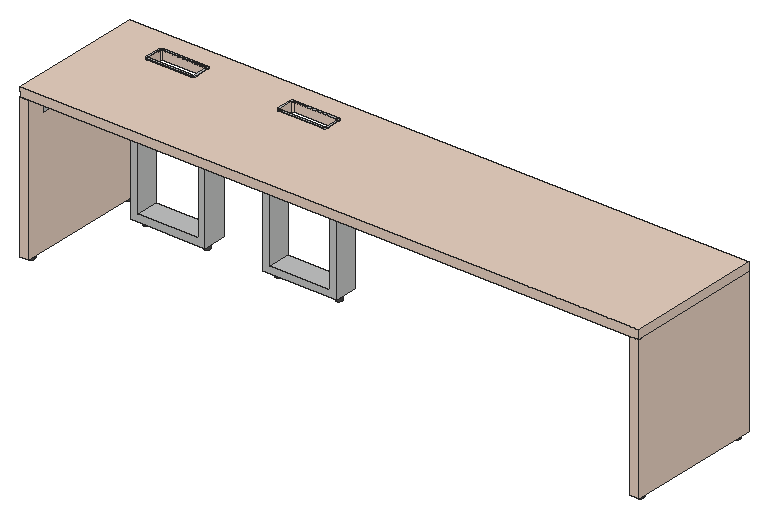
Revit family "Workstations-Multi_Level-Teknion-B_ASP_Secondary_Desk_for_Height_Adjustable_Peninsula-R2018", category Furniture, Revit 2018
Family settings
  OmniClass Number = 23.40.20.00
  OmniClass Title = General Furniture and Specialties
  Work Plane-Based = No
  Always vertical = Yes
  Cut with Voids When Loaded = No
  Shared = Yes
  Room Calculation Point = No
Parameters (values of type "35" Height-Adjustable Peninsula Depth")
  Worksurface Thickness Options [instance] = "Select one of the options below"  # constant formula
  Worksurface Position from left [instance] = 6.000"
  Worksurface Finish [instance] = Veneer-Teknion-5T-Flintwood-White_Truffle (Long Grain)
  Worksurface Thickness [instance] = if([1 3/16" Worksurface Thickness], 1.189", 1.555")  # 1.555"
  Width [instance] = 108.000"
  Warranty = "http://www.teknion.com/ca/papers/legal-canada"
  Unit Weight URL = "http://www.teknion.com/ca/tools/assets#&asset=bee6a381-b954-425e-8283-5a2de3a804f2,f828d448-4b62-4231-9e5f-9a8991c0ed77"
  URL = "www.teknion.com"
  To render please download texture images found here [instance] = "https://assets.teknion.com/web/5e81352c1dfdb467/revit-material-swatches/"
  Sustainability Data = "https://www.teknion.com/ca/tools/assets#&topic=216f99a5-57a0-44fc-b10a-9dee9b29ae4c&asset=444deb64-fe58-4b68-981e-f75e97781df7,b4ff2d81-9f2e-437d-9659-7cffb09c31cf"
  Series = "Expansion Casegoods"  # constant formula
  Right Grommet Option [instance] = no
  Product Page URL = "https://www.teknion.com/ca/products/product-details?productlineid=0053336e-8e7a-673b-a6c8-ff00004460c4"
  Product Line = "Expansion Casegoods"  # constant formula
  Product Documentation Link = "https://www.teknion.com/pricing/expansion-casegoods/pdfs/B_ASP_ppg.pdf"
  Part Number = "B_ASP"  # constant formula
  No Grommet Option [instance] = and(not(Left Grommet Option), not(Right Grommet Option))  # yes
  Model = "B_ASP_35________"
  Manufacturer Phone = "416-661-3370"  # constant formula
  Manufacturer Fax = "416.661.4586"  # constant formula
  Manufacturer Contact Information = "http://www.teknion.com/ca/contactus"
  Manufacturer Address = "1150 Flint Road, Toronto, ON. M3J 2J5. Canada"  # constant formula
  Manufacturer = "Teknion"  # constant formula
  Low Height [instance] = not(High Height)  # no
  Left Grommet Option [instance] = no
  How To Use Teknion Materials User Guide [instance] = "https://assets.teknion.com/m/205dd0a49fa58060/original/How-to-add-a-Material-Library-and-Texture-Images-to-your-Revit-project.pdf"
  High Height [instance] = yes
  Height Adjustable Peninsula Depth = 22.885"
  Height Options [instance] = "Select one of the options below"  # constant formula
  Height [instance] = if(High Height, 26.972", 17.425")  # 26.972"
  Grommet Finish [instance] = Paint - Teknion - Mica - Platinum
  Gable Thickness [instance] = if([1 3/16" Worksurface Thickness], 1.016", 1.555")  # 1.555"
  Gable Finish [instance] = Veneer-Teknion-5T-Flintwood-White_Truffle (Long Grain)
  For Additional Finishes please visit [instance] = "https://assets.teknion.com/m/44a8009b046e5d47/original/Teknion_Materials_Library.zip"
  Description = "Secondary Desk for Height-Adjustable Peninsula, 35\" Height-Adjustable Peninsula Depth"
  Depth [instance] = 24.000"
  Available Widths [instance] = if(or(Height Adjustable Peninsula Depth = 22.885", Height Adjustable Peninsula Depth = 28.855"), "72\", 78\", 84\", 90\", 96\", 102\", and 108\"", "60\", 66\", 72\", 78\", 84\", 90\", 96\", 102\", and 108\"")  # "72\", 78\", 84\", 90\", 96\", 102\", and 108\""
  Available Worksurface Position Offset from Left [instance] = if(Height Adjustable Peninsula Depth = 22.885", if(Width = 72.000", "6\", 12\", 18\", 24\", 30\"", if(Width = 78.000", "6\", 12\", 18\", 24\", 30\", 36\"", if(Width = 84.000", "6\", 12\", 18\", 24\", 30\", 36\", 42\"", if(Width = 90.000", "6\", 12\", 18\", 24\", 30\", 36\", 42\", 48\"", if(Width = 96.000", "6\", 12\", 18\", 24\", 30\", 36\", 42\", 48\", 54\"", if(Width = 102.000", "6\", 12\", 18\", 24\", 30\", 36\", 42\", 48\", 54\", 60\"", "6\", 12\", 18\", 24\", 30\", 36\", 42\", 48\", 54\", 60\", 66\"")))))), if(Height Adjustable Peninsula Depth = 28.855", if(Width = 72.000", "6\", 12\", 18\", 24\"", if(Width = 78.000", "6\", 12\", 18\", 24\", 30\"", if(Width = 84.000", "6\", 12\", 18\", 24\", 30\", 36\"", if(Width = 90.000", "6\", 12\", 18\", 24\", 30\", 36\", 42\"", if(Width = 96.000", "6\", 12\", 18\", 24\", 30\", 36\", 42\", 48\"", if(Width = 102.000", "6\", 12\", 18\", 24\", 30\", 36\", 42\", 48\", 54\"", "6\", 12\", 18\", 24\", 30\", 36\", 42\", 48\", 54\", 60\"")))))), if(Height Adjustable Peninsula Depth = 25.373", if(Width = 60.000", "0\", 6\", 12\"", if(Width = 66.000", "0\", 6\", 12\", 18\"", if(Width = 72.000", "0\", 6\", 12\", 18\", 24\"", if(Width = 78.000", "0\", 6\", 12\", 18\", 24\", 30\"", if(Width = 84.000", "0\", 6\", 12\", 18\", 24\", 30\", 36\"", if(Width = 90.000", "0\", 6\", 12\", 18\", 24\", 30\", 36\", 42\"", if(Width = 96.000", "0\", 6\", 12\", 18\", 24\", 30\", 36\", 42\", 48\"", if(Width = 102.000", "0\", 6\", 12\", 18\", 24\", 30\", 36\", 42\", 48\", 54\"", "0\", 6\", 12\", 18\", 24\", 30\", 36\", 42\", 48\", 54\", 60\"")))))))), if(Height Adjustable Peninsula Depth = 31.343", if(Width = 60.000", "0\", 6\"", if(Width = 66.000", "0\", 6\", 12\"", if(Width = 72.000", "0\", 6\", 12\", 18\"", if(Width = 78.000", "0\", 6\", 12\", 18\", 24\"", if(Width = 84.000", "0\", 6\", 12\", 18\", 24\", 30\"", if(Width = 90.000", "0\", 6\", 12\", 18\", 24\", 30\", 36\"", if(Width = 96.000", "0\", 6\", 12\", 18\", 24\", 30\", 36\", 42\"", if(Width = 102.000", "0\", 6\", 12\", 18\", 24\", 30\", 36\", 42\", 48\"", "0\", 6\", 12\", 18\", 24\", 30\", 36\", 42\", 48\", 54\"")))))))), if(Width = 60.000", "0\"", if(Width = 66.000", "0\", 6\"", if(Width = 72.000", "0\", 6\", 12\"", if(Width = 78.000", "0\", 6\", 12\", 18\"", if(Width = 84.000", "0\", 6\", 12\", 18\", 24\"", if(Width = 90.000", "0\", 6\", 12\", 18\", 24\", 30\"", if(Width = 96.000", "0\", 6\", 12\", 18\", 24\", 30\", 36\"", if(Width = 102.000", "0\", 6\", 12\", 18\", 24\", 30\", 36\", 42\"", "0\", 6\", 12\", 18\", 24\", 30\", 36\", 42\", 48\""))))))))))))  # "6\", 12\", 18\", 24\", 30\", 36\", 42\", 48\", 54\", 60\", 66\""
  Available Grommet Options [instance] = "Select one of the options below"  # constant formula
  Available Depths [instance] = "20\" or 24\""  # constant formula
  Actual Depth [instance] = if(Depth = 24.000", 23.880", 19.900")  # 23.880"
  Assembly Code = "E2020200"
  Actual Worksurface Position from Left [instance] = if(or(Height Adjustable Peninsula Depth = 22.885", Height Adjustable Peninsula Depth = 28.855"), if(Worksurface Position from left = 6.000", 12.438", if(Worksurface Position from left = 12.000", 18.408", if(Worksurface Position from left = 18.000", 24.378", if(Worksurface Position from left = 24.000", 30.348", if(Worksurface Position from left = 30.000", 36.318", if(Worksurface Position from left = 36.000", 42.288", if(Worksurface Position from left = 42.000", 48.258", if(Worksurface Position from left = 48.000", 54.228", if(Worksurface Position from left = 54.000", 60.198", if(Worksurface Position from left = 60.000", 66.168", 72.138")))))))))), if(Worksurface Position from left = 0.000", 11.194", if(Worksurface Position from left = 6.000", 17.164", if(Worksurface Position from left = 12.000", 23.134", if(Worksurface Position from left = 18.000", 29.104", if(Worksurface Position from left = 24.000", 35.074", if(Worksurface Position from left = 30.000", 41.044", if(Worksurface Position from left = 36.000", 47.014", if(Worksurface Position from left = 42.000", 52.984", if(Worksurface Position from left = 48.000", 58.954", if(Worksurface Position from left = 54.000", 64.924", 70.894")))))))))))  # 12.438"
  Actual Width [instance] = if(Width = 60.000", 59.700", if(Width = 66.000", 65.670", if(Width = 72.000", 71.640", if(Width = 78.000", 77.610", if(Width = 84.000", 83.580", if(Width = 90.000", 89.550", if(Width = 96.000", 95.520", if(Width = 102.000", 101.490", 107.460"))))))))  # 107.460"
  2D Connection Node Visibility [instance] = yes
  1 9/16" Worksurface Thickness [instance] = not([1 3/16" Worksurface Thickness])  # yes
  1 3/16" Worksurface Thickness [instance] = no
Types (6): name | Model | Height Adjustable Peninsula Depth | Description | Available Widths | Available Worksurface Position Offset from Left | Actual Worksurface Position from Left
  (no name) | "B_ASP_35________" | 22.885" | "Secondary Desk for Height-Adjustable Peninsula, 35\" Height-Adjustable Peninsula Depth" | "72\", 78\", 84\", 90\", 96\", 102\", and 108\"" | "6\", 12\", 18\", 24\", 30\", 36\", 42\", 48\", 54\", 60\", 66\"" | 12.438"
  35" Height-Adjustable Peninsula Depth | "B_ASP_35________" | 22.885" | "Secondary Desk for Height-Adjustable Peninsula, 35\" Height-Adjustable Peninsula Depth" | "72\", 78\", 84\", 90\", 96\", 102\", and 108\"" | "6\", 12\", 18\", 24\", 30\", 36\", 42\", 48\", 54\", 60\", 66\"" | 12.438"
  41" Height-Adjustable Peninsula Depth | "B_ASP_41________" | 28.855" | "Secondary Desk for Height-Adjustable Peninsula, 41\" Height-Adjustable Peninsula Depth" | "72\", 78\", 84\", 90\", 96\", 102\", and 108\"" | "6\", 12\", 18\", 24\", 30\", 36\", 42\", 48\", 54\", 60\"" | 12.438"
  46" Height-Adjustable Peninsula Depth | "B_ASP_46________" | 25.373" | "Secondary Desk for Height-Adjustable Peninsula, 46\" Height-Adjustable Peninsula Depth" | "60\", 66\", 72\", 78\", 84\", 90\", 96\", 102\", and 108\"" | "0\", 6\", 12\", 18\", 24\", 30\", 36\", 42\", 48\", 54\", 60\"" | 17.164"
  52" Height-Adjustable Peninsula Depth | "B_ASP_52________" | 31.343" | "Secondary Desk for Height-Adjustable Peninsula, 52\" Height-Adjustable Peninsula Depth" | "60\", 66\", 72\", 78\", 84\", 90\", 96\", 102\", and 108\"" | "0\", 6\", 12\", 18\", 24\", 30\", 36\", 42\", 48\", 54\"" | 17.164"
  58" Height-Adjustable Peninsula Depth | "B_ASP_58________" | 37.313" | "Secondary Desk for Height-Adjustable Peninsula, 58\" Height-Adjustable Peninsula Depth" | "60\", 66\", 72\", 78\", 84\", 90\", 96\", 102\", and 108\"" | "0\", 6\", 12\", 18\", 24\", 30\", 36\", 42\", 48\"" | 17.164"
Reference planes (in)
  plane 1 "Center Front/Back": y = 0
  plane 2: z = 0
  plane 3 "Center Left/Right": x = 0
  plane 4 "Left": x = -53.73
  plane 5 "Right": x = 53.73
  plane 6 "Back": y = 11.94
  plane 7 "Front": y = -11.94
  plane 8 "Top": z = 26.972
  plane 9: z = 25.417
  plane 10: x = -52.175
  plane 11: x = 52.175
  plane 12: x = -41.292
  plane 13: x = -18.407
  plane 14: x = -29.8495
Forms (in)
  Sweep 1, solid, material "Veneer-Teknion-5T-Flintwood-White_Truffle (Long Grain)" <- "Worksurface Finish"
    path origin (0, 0, 0) x (1, 0, 0) y (0, 0, 1)
      loop
        line (0, 25.417) -> (0, 26.972)
    profile origin (0, 0, 26.1945) x (-1, 0, 0) y (0, -1, 0)
      loop
        line (53.73, -11.94) -> (53.73, 11.94) -> (-53.73, 11.94) -> (-53.73, -11.94) -> (53.73, -11.94)
  Sweep 2, solid, material "Veneer-Teknion-5T-Flintwood-White_Truffle (Long Grain)" <- "Gable Finish"
    path origin (0, 0, 0) x (1, 0, 0) y (0, 0, 1)
      loop
        line (0, 0.60212) -> (0, 25.417)
    profile origin (0, 0, 13.00956) x (-1, 0, 0) y (0, -1, 0)
      loop
        line (53.73, -11.94) -> (53.73, 11.94) -> (52.175, 11.94) -> (52.175, -11.94) -> (53.73, -11.94)
      loop
        line (-52.175, -11.94) -> (-52.175, 11.94) -> (-53.73, 11.94) -> (-53.73, -11.94) -> (-52.175, -11.94)
  Sweep 3, solid, material "Plastic - Teknion - E - Ebony"
    path origin (0, 0, 0) x (1, 0, 0) y (0, 0, 1)
      loop
        line (0, 0) -> (0, 0.60212)
    profile origin (0, 0, 0.30106) x (-1, 0, 0) y (0, -1, 0)
      loop
        circle (52.9525, -10.4383) r 0.5
      loop
        circle (52.9525, 10.4383) r 0.5
      loop
        circle (-52.9525, -10.4383) r 0.5
      loop
        circle (-52.9525, 10.4383) r 0.5
  Sweep 4, solid, material "Paint - Teknion - Mica - Platinum"
    path origin (0, 0, 0) x (1, 0, 0) y (0, 1, 0)
      loop
        line (0, 8.94) -> (0, -8.93989)
    profile origin (0, 0.00006, 0) x (1, 0, 0) y (0, 0, 1)
      loop
        line (-52.175, 22.46424) -> (-52.05677, 22.46424) -> (-52.05677, 25.29889) -> (-49.22213, 25.29889) -> (-49.22213, 25.417) -> (-52.175, 25.417) -> (-52.175, 22.46424)
      loop
        line (49.22224, 25.417) -> (49.22224, 25.29889) -> (52.05689, 25.29889) -> (52.05689, 22.46424) -> (52.175, 22.46424) -> (52.175, 25.417) -> (49.22224, 25.417)
  Sweep 5, solid, material "Paint - Teknion - Mica - Platinum"
    path origin (0, 0, 0) x (1, 0, 0) y (0, 1, 0)
      loop
        line (0, 4.62701) -> (0, 8.56402)
    profile origin (0, 6.59551, 0) x (-1, 0, 0) y (0, 0, 1)
      loop
        line (47.74871, 25.417) -> (46.56761, 25.417) -> (46.56761, 2.41339) -> (36.01643, 2.41339) -> (36.01643, 25.417) -> (34.83532, 25.417) -> (34.83532, 1.23228) -> (47.74871, 1.23228) -> (47.74871, 25.417)
      loop
        line (24.86369, 25.417) -> (23.68259, 25.417) -> (23.68259, 2.41339) -> (13.13141, 2.41339) -> (13.13141, 25.417) -> (11.95031, 25.417) -> (11.95031, 1.23228) -> (24.86369, 1.23228) -> (24.86369, 25.417)
  Sweep 6, solid, material "Paint - Teknion - Mica - Platinum" <- "Grommet Finish"
    path origin (0, 0, 0) x (1, 0, 0) y (0, 0, 1)
      loop
        line (0, 26.972) -> (0, 27.01969)
    profile origin (0, 0, 26.99584) x (-1, 0, 0) y (0, -1, 0)
      loop
        line (37.51643, -8.36717) -> (45.06761, -8.36717)
        arc (45.06761, -8.36717) -> (45.46013, -8.20458) -> (45.62272, -7.81205) r 0.55512
        line (45.62272, -7.81205) -> (45.62272, -5.37898)
        arc (45.62272, -5.37898) -> (45.46013, -4.98645) -> (45.06761, -4.82386) r 0.55512
        line (45.06761, -4.82386) -> (37.51643, -4.82386)
        arc (37.51643, -4.82386) -> (37.1239, -4.98645) -> (36.96131, -5.37898) r 0.55512
        line (36.96131, -5.37898) -> (36.96131, -7.81205)
        arc (36.96131, -7.81205) -> (37.1239, -8.20458) -> (37.51643, -8.36717) r 0.55512
      loop
        line (37.51643, -8.06205) -> (45.06761, -8.06205)
        arc (45.06761, -8.06205) -> (45.24438, -7.98882) -> (45.31761, -7.81205) r 0.25
        line (45.31761, -7.81205) -> (45.31761, -5.37898)
        arc (45.31761, -5.37898) -> (45.24438, -5.2022) -> (45.06761, -5.12898) r 0.25
        line (45.06761, -5.12898) -> (37.51643, -5.12898)
        arc (37.51643, -5.12898) -> (37.33965, -5.2022) -> (37.26643, -5.37898) r 0.25
        line (37.26643, -5.37898) -> (37.26643, -7.81205)
        arc (37.26643, -7.81205) -> (37.33965, -7.98882) -> (37.51643, -8.06205) r 0.25
      loop
        line (14.63141, -8.36717) -> (22.18259, -8.36717)
        arc (22.18259, -8.36717) -> (22.57512, -8.20458) -> (22.73771, -7.81205) r 0.55512
        line (22.73771, -7.81205) -> (22.73771, -5.37898)
        arc (22.73771, -5.37898) -> (22.57512, -4.98645) -> (22.18259, -4.82386) r 0.55512
        line (22.18259, -4.82386) -> (14.63141, -4.82386)
        arc (14.63141, -4.82386) -> (14.23888, -4.98645) -> (14.07629, -5.37898) r 0.55512
        line (14.07629, -5.37898) -> (14.07629, -7.81205)
        arc (14.07629, -7.81205) -> (14.23888, -8.20458) -> (14.63141, -8.36717) r 0.55512
      loop
        line (14.63141, -8.06205) -> (22.18259, -8.06205)
        arc (22.18259, -8.06205) -> (22.35937, -7.98882) -> (22.43259, -7.81205) r 0.25
        line (22.43259, -7.81205) -> (22.43259, -5.37898)
        arc (22.43259, -5.37898) -> (22.35937, -5.2022) -> (22.18259, -5.12898) r 0.25
        line (22.18259, -5.12898) -> (14.63141, -5.12898)
        arc (14.63141, -5.12898) -> (14.45463, -5.2022) -> (14.38141, -5.37898) r 0.25
        line (14.38141, -5.37898) -> (14.38141, -7.81205)
        arc (14.38141, -7.81205) -> (14.45463, -7.98882) -> (14.63141, -8.06205) r 0.25
  Sweep 7, solid, material "Plastic - Teknion - E - Ebony"
    path origin (0, 0, 0) x (1, 0, 0) y (0, 0, 1)
      loop
        line (0, 0.41339) -> (0, 0)
    profile origin (0, 0, 0.20669) x (0, -1, 0) y (1, 0, 0)
      loop
        circle (-6.59551, -36.01643) r 0.5
      loop
        circle (-6.59551, -46.56761) r 0.5
      loop
        circle (-6.59551, -13.13141) r 0.5
      loop
        circle (-6.59551, -23.68259) r 0.5
  Sweep 8, solid, material "Paint - Teknion - Mica - Platinum"
    path origin (0, 0, 0) x (1, 0, 0) y (0, 0, 1)
      loop
        line (0, 0.41339) -> (0, 1.23228)
    profile origin (0, 0, 0.82283) x (-1, 0, 0) y (0, -1, 0)
      loop
        circle (46.56761, -6.59551) r 0.18967
      loop
        circle (36.01643, -6.59551) r 0.18959
      loop
        circle (23.68261, -6.59551) r 0.18967
      loop
        circle (13.13143, -6.59551) r 0.18959
  Sweep 9, solid, material "Paint - Teknion - Mica - Platinum" <- "Grommet Finish", visible <- "Left Grommet Option"
    path origin (0, 0, 0) x (1, 0, 0) y (0, 0, 1)
      loop
        line (0, 26.972) -> (0, 27.12948)
    profile origin (0, 0, 27.05074) x (-1, 0, 0) y (0, -1, 0)
      loop
        line (48.48629, -10.114) -> (48.48629, -7.26994) -> (45.63806, -7.26994) -> (45.63806, -10.114) -> (48.48629, -10.114)
  Sweep 10, solid, material "Paint - Teknion - Mica - Platinum" <- "Grommet Finish", visible <- "Left Grommet Option"
    path origin (0, 0, 0) x (1, 0, 0) y (0, 0, 1)
      loop
        line (0, 26.972) -> (0, 27.12948)
    profile origin (0, 0, 27.05074) x (-1, 0, 0) y (0, -1, 0)
      loop
        line (45.63806, -10.114) -> (45.63806, -8.90464) -> (43.35946, -8.90464) -> (43.35946, -8.47929) -> (45.63806, -8.47929) -> (45.63806, -7.26994) -> (41.83198, -7.26994) -> (41.83198, -10.114) -> (45.63806, -10.114)
  Sweep 11, solid, material "Paint - Teknion - Mica - Platinum" <- "Grommet Finish", visible <- "Right Grommet Option"
    path origin (0, 0, 0) x (1, 0, 0) y (0, 0, 1)
      loop
        line (0, 26.972) -> (0, 27.12948)
    profile origin (0, 0, 27.05074) x (-1, 0, 0) y (0, -1, 0)
      loop
        line (-45.63806, -10.114) -> (-45.63806, -7.26994) -> (-48.48629, -7.26994) -> (-48.48629, -10.114) -> (-45.63806, -10.114)
  Sweep 12, solid, material "Paint - Teknion - Mica - Platinum" <- "Grommet Finish", visible <- "Right Grommet Option"
    path origin (0, 0, 0) x (1, 0, 0) y (0, 0, 1)
      loop
        line (0, 26.972) -> (0, 27.12948)
    profile origin (0, 0, 27.05074) x (-1, 0, 0) y (0, -1, 0)
      loop
        line (-41.83198, -10.114) -> (-41.83198, -7.26994) -> (-45.63806, -7.26994) -> (-45.63806, -8.47929) -> (-43.35946, -8.47929) -> (-43.35946, -8.90464) -> (-45.63806, -8.90464) -> (-45.63806, -10.114) -> (-41.83198, -10.114)
  Sweep 13, void
    path origin (0, 0, 0) x (1, 0, 0) y (0, 0, 1)
      loop
        line (0, 28.597) -> (0, 23.597)
    profile origin (0, 0, 26.097) x (0, -1, 0) y (1, 0, 0)
      loop
        arc (-5.12898, -37.51643) -> (-5.2022, -37.33965) -> (-5.37898, -37.26643) r 0.25
        line (-5.37898, -37.26643) -> (-7.81205, -37.26643)
        arc (-7.81205, -37.26643) -> (-7.98882, -37.33965) -> (-8.06205, -37.51643) r 0.25
        line (-8.06205, -37.51643) -> (-8.06205, -45.06761)
        arc (-8.06205, -45.06761) -> (-7.98882, -45.24438) -> (-7.81205, -45.31761) r 0.25
        line (-7.81205, -45.31761) -> (-5.37898, -45.31761)
        arc (-5.37898, -45.31761) -> (-5.2022, -45.24438) -> (-5.12898, -45.06761) r 0.25
        line (-5.12898, -45.06761) -> (-5.12898, -37.51643)
      loop
        arc (-5.37898, -22.43259) -> (-5.2022, -22.35937) -> (-5.12898, -22.18259) r 0.25
        line (-5.12898, -22.18259) -> (-5.12898, -14.63141)
        arc (-5.12898, -14.63141) -> (-5.2022, -14.45463) -> (-5.37898, -14.38141) r 0.25
        line (-5.37898, -14.38141) -> (-7.81205, -14.38141)
        arc (-7.81205, -14.38141) -> (-7.98882, -14.45463) -> (-8.06205, -14.63141) r 0.25
        line (-8.06205, -14.63141) -> (-8.06205, -22.18259)
        arc (-8.06205, -22.18259) -> (-7.98882, -22.35937) -> (-7.81205, -22.43259) r 0.25
        line (-7.81205, -22.43259) -> (-5.37898, -22.43259)
Cuts and joins
  Sweep 13 cuts Sweep 1
Lines and regions (in)
  Masking region 1
    outline origin (0, 0, 0) x (1, 0, 0) y (0, 1, 0)
      loop
        line (-53.73, 11.94) -> (-53.73, -11.94) -> (53.73, -11.94) -> (53.73, 11.94) -> (-53.73, 11.94)
  symbolic lines, style "FurnitureHiddenLines", detail levels medium+fine
    curve 1: line (-52.175, -11.94, 0) -> (-52.175, 11.94, 0)
    curve 2: line (52.175, -11.94, 0) -> (52.175, 11.94, 0)
    curve 11: line (-52.175, 8.94, 0) -> (-49.22213, 8.94, 0)
    curve 12: line (-49.22213, -8.93989, 0) -> (-49.22213, 8.94, 0)
    curve 13: line (-49.22213, -8.93989, 0) -> (-52.175, -8.93989, 0)
    curve 15: line (49.22224, 8.94, 0) -> (52.175, 8.94, 0)
    curve 16: line (52.175, -8.93989, 0) -> (49.22224, -8.93989, 0)
    curve 17: line (49.22224, 8.94, 0) -> (49.22224, -8.93989, 0)
    curve 47: line (-34.83532, 4.62701, 0) -> (-47.74871, 4.62701, 0)
    curve 48: line (-47.74871, 8.56402, 0) -> (-47.74871, 4.62701, 0)
    curve 49: line (-34.83532, 8.56402, 0) -> (-47.74871, 8.56402, 0)
    curve 50: line (-34.83532, 4.62701, 0) -> (-34.83532, 8.56402, 0)
    curve 51: line (-36.01643, 8.56402, 0) -> (-36.01643, 4.62701, 0)
    curve 52: line (-46.56761, 4.62701, 0) -> (-46.56761, 8.56402, 0)
    curve 61: line (-24.86369, 8.56402, 0) -> (-24.86369, 4.62701, 0)
    curve 62: line (-23.68259, 4.62701, 0) -> (-23.68259, 8.56402, 0)
    curve 63: line (-13.13141, 8.56402, 0) -> (-13.13141, 4.62701, 0)
    curve 64: line (-11.95031, 4.62701, 0) -> (-11.95031, 8.56402, 0)
    curve 65: line (-24.86369, 8.56402, 0) -> (-11.95031, 8.56402, 0)
    curve 66: line (-24.86369, 4.62701, 0) -> (-11.95031, 4.62701, 0)
  symbolic lines, style "FurnitureHiddenLines", detail levels fine
    curve 3: arc (52.4525, 10.4383, 0) -> (52.9525, 9.9383, 0) -> (53.4525, 10.4383, 0) r 0.5
    curve 4: arc (53.4525, 10.4383, 0) -> (52.9525, 10.9383, 0) -> (52.4525, 10.4383, 0) r 0.5
    curve 5: arc (53.4525, -10.4383, 0) -> (52.9525, -9.9383, 0) -> (52.4525, -10.4383, 0) r 0.5
    curve 6: arc (52.4525, -10.4383, 0) -> (52.9525, -10.9383, 0) -> (53.4525, -10.4383, 0) r 0.5
    curve 7: arc (-53.4525, 10.4383, 0) -> (-52.9525, 9.9383, 0) -> (-52.4525, 10.4383, 0) r 0.5
    curve 8: arc (-52.4525, 10.4383, 0) -> (-52.9525, 10.9383, 0) -> (-53.4525, 10.4383, 0) r 0.5
    curve 9: arc (-52.4525, -10.4383, 0) -> (-52.9525, -9.9383, 0) -> (-53.4525, -10.4383, 0) r 0.5
    curve 10: arc (-53.4525, -10.4383, 0) -> (-52.9525, -10.9383, 0) -> (-52.4525, -10.4383, 0) r 0.5
    curve 14: line (-52.05677, -8.93989, 0) -> (-52.05677, 8.94, 0)
    curve 18: line (52.05689, 8.94, 0) -> (52.05689, -8.93989, 0)
    curve 53: arc (-46.56761, 7.09551, 0) -> (-47.06761, 6.59551, 0) -> (-46.56761, 6.09551, 0) r 0.5
    curve 54: arc (-46.56761, 6.09551, 0) -> (-46.06761, 6.59551, 0) -> (-46.56761, 7.09551, 0) r 0.5
    curve 55: arc (-36.01643, 7.09551, 0) -> (-36.51643, 6.59551, 0) -> (-36.01643, 6.09551, 0) r 0.5
    curve 56: arc (-36.01643, 6.09551, 0) -> (-35.51643, 6.59551, 0) -> (-36.01643, 7.09551, 0) r 0.5
    curve 57: arc (-46.75727, 6.59551, 0) -> (-46.56761, 6.40585, 0) -> (-46.37794, 6.59551, 0) r 0.18967
    curve 58: arc (-46.37794, 6.59551, 0) -> (-46.56761, 6.78518, 0) -> (-46.75727, 6.59551, 0) r 0.18967
    curve 59: arc (-36.20602, 6.59551, 0) -> (-36.01643, 6.40592, 0) -> (-35.82683, 6.59551, 0) r 0.18959
    curve 60: arc (-35.82683, 6.59551, 0) -> (-36.01643, 6.7851, 0) -> (-36.20602, 6.59551, 0) r 0.18959
    curve 67: arc (-23.68259, 6.09551, 0) -> (-23.18259, 6.59551, 0) -> (-23.68259, 7.09551, 0) r 0.5
    curve 68: arc (-23.68259, 7.09551, 0) -> (-24.18259, 6.59551, 0) -> (-23.68259, 6.09551, 0) r 0.5
    curve 69: arc (-23.49294, 6.59551, 0) -> (-23.68261, 6.78518, 0) -> (-23.87227, 6.59551, 0) r 0.18967
    curve 70: arc (-23.87227, 6.59551, 0) -> (-23.68261, 6.40585, 0) -> (-23.49294, 6.59551, 0) r 0.18967
    curve 71: arc (-13.13141, 6.09551, 0) -> (-12.63141, 6.59551, 0) -> (-13.13141, 7.09551, 0) r 0.5
    curve 72: arc (-13.13141, 7.09551, 0) -> (-13.63141, 6.59551, 0) -> (-13.13141, 6.09551, 0) r 0.5
    curve 73: arc (-13.32102, 6.59551, 0) -> (-13.13143, 6.40592, 0) -> (-12.94183, 6.59551, 0) r 0.18959
    curve 74: arc (-12.94183, 6.59551, 0) -> (-13.13143, 6.7851, 0) -> (-13.32102, 6.59551, 0) r 0.18959
  symbolic lines, visible <- "Right Grommet Option"
    curve 19: line (45.63806, 10.114, 0) -> (45.63806, 7.26994, 0)
    curve 20: line (48.48629, 10.114, 0) -> (45.63806, 10.114, 0)
    curve 21: line (48.48629, 7.26994, 0) -> (48.48629, 10.114, 0)
    curve 22: line (45.63806, 7.26994, 0) -> (48.48629, 7.26994, 0)
    curve 23: line (41.83198, 7.26994, 0) -> (45.63806, 7.26994, 0)
    curve 24: line (41.83198, 10.114, 0) -> (41.83198, 7.26994, 0)
    curve 25: line (45.63806, 10.114, 0) -> (41.83198, 10.114, 0)
    curve 26: line (43.35946, 8.90464, 0) -> (45.63806, 8.90464, 0)
    curve 27: line (43.35946, 8.47929, 0) -> (43.35946, 8.90464, 0)
    curve 28: line (45.63806, 8.47929, 0) -> (43.35946, 8.47929, 0)
  symbolic lines, visible <- "Left Grommet Option"
    curve 29: line (-48.48629, 7.26994, 0) -> (-45.63806, 7.26994, 0)
    curve 30: line (-48.48629, 10.114, 0) -> (-48.48629, 7.26994, 0)
    curve 31: line (-45.63806, 10.114, 0) -> (-48.48629, 10.114, 0)
    curve 32: line (-45.63806, 7.26994, 0) -> (-45.63806, 10.114, 0)
    curve 33: line (-45.63806, 7.26994, 0) -> (-41.83198, 7.26994, 0)
    curve 34: line (-41.83198, 7.26994, 0) -> (-41.83198, 10.114, 0)
    curve 35: line (-41.83198, 10.114, 0) -> (-45.63806, 10.114, 0)
    curve 36: line (-45.63806, 8.90464, 0) -> (-43.35946, 8.90464, 0)
    curve 37: line (-43.35946, 8.90464, 0) -> (-43.35946, 8.47929, 0)
    curve 38: line (-43.35946, 8.47929, 0) -> (-45.63806, 8.47929, 0)
  symbolic lines
    curve 39: line (-45.62272, 7.81205, 0) -> (-45.62272, 5.37898, 0)
    curve 40: arc (-45.62272, 5.37898, 0) -> (-45.46013, 4.98645, 0) -> (-45.06761, 4.82386, 0) r 0.55512
    curve 41: line (-45.06761, 4.82386, 0) -> (-37.51643, 4.82386, 0)
    curve 42: arc (-37.51643, 4.82386, 0) -> (-37.1239, 4.98645, 0) -> (-36.96131, 5.37898, 0) r 0.55512
    curve 43: line (-36.96131, 5.37898, 0) -> (-36.96131, 7.81205, 0)
    curve 44: arc (-36.96131, 7.81205, 0) -> (-37.1239, 8.20458, 0) -> (-37.51643, 8.36717, 0) r 0.55512
    curve 45: line (-37.51643, 8.36717, 0) -> (-45.06761, 8.36717, 0)
    curve 46: arc (-45.06761, 8.36717, 0) -> (-45.46013, 8.20458, 0) -> (-45.62272, 7.81205, 0) r 0.55512
    curve 75: line (-37.51643, 5.12898, 0) -> (-45.06761, 5.12898, 0)
    curve 76: arc (-45.06761, 5.12898, 0) -> (-45.24438, 5.2022, 0) -> (-45.31761, 5.37898, 0) r 0.25
    curve 77: line (-45.31761, 5.37898, 0) -> (-45.31761, 7.81205, 0)
    curve 78: arc (-45.31761, 7.81205, 0) -> (-45.24438, 7.98882, 0) -> (-45.06761, 8.06205, 0) r 0.25
    curve 79: line (-45.06761, 8.06205, 0) -> (-37.51643, 8.06205, 0)
    curve 80: arc (-37.51643, 8.06205, 0) -> (-37.33965, 7.98882, 0) -> (-37.26643, 7.81205, 0) r 0.25
    curve 81: line (-37.26643, 7.81205, 0) -> (-37.26643, 5.37898, 0)
    curve 82: arc (-37.26643, 5.37898, 0) -> (-37.33965, 5.2022, 0) -> (-37.51643, 5.12898, 0) r 0.25
    curve 83: line (-22.73771, 7.81205, 0) -> (-22.73771, 5.37898, 0)
    curve 84: arc (-22.73771, 5.37898, 0) -> (-22.57512, 4.98645, 0) -> (-22.18259, 4.82386, 0) r 0.55512
    curve 85: line (-22.18259, 4.82386, 0) -> (-14.63141, 4.82386, 0)
    curve 86: arc (-14.63141, 4.82386, 0) -> (-14.23888, 4.98645, 0) -> (-14.07629, 5.37898, 0) r 0.55512
    curve 87: line (-14.07629, 5.37898, 0) -> (-14.07629, 7.81205, 0)
    curve 88: arc (-14.07629, 7.81205, 0) -> (-14.23888, 8.20458, 0) -> (-14.63141, 8.36717, 0) r 0.55512
    curve 89: line (-14.63141, 8.36717, 0) -> (-22.18259, 8.36717, 0)
    curve 90: arc (-22.18259, 8.36717, 0) -> (-22.57512, 8.20458, 0) -> (-22.73771, 7.81205, 0) r 0.55512
    curve 91: line (-22.43259, 5.37898, 0) -> (-22.43259, 7.81205, 0)
    curve 92: arc (-22.43259, 7.81205, 0) -> (-22.35937, 7.98882, 0) -> (-22.18259, 8.06205, 0) r 0.25
    curve 93: line (-22.18259, 8.06205, 0) -> (-14.63141, 8.06205, 0)
    curve 94: arc (-14.63141, 8.06205, 0) -> (-14.45463, 7.98882, 0) -> (-14.38141, 7.81205, 0) r 0.25
    curve 95: line (-14.38141, 7.81205, 0) -> (-14.38141, 5.37898, 0)
    curve 96: arc (-14.38141, 5.37898, 0) -> (-14.45463, 5.2022, 0) -> (-14.63141, 5.12898, 0) r 0.25
    curve 97: line (-14.63141, 5.12898, 0) -> (-22.18259, 5.12898, 0)
    curve 98: arc (-22.18259, 5.12898, 0) -> (-22.35937, 5.2022, 0) -> (-22.43259, 5.37898, 0) r 0.25
Dimensions and locks (in)
  "Actual Width": plane 4 "Left" to plane 5 "Right"
  "Actual Depth": plane 6 "Back" to plane 7 "Front"
  "Height": plane 8 "Top" to level
  equal spacing: plane 6 "Back", plane 1 "Center Front/Back", plane 7 "Front"
  equal spacing: plane 4 "Left", plane 3 "Center Left/Right", plane 5 "Right"
  "Worksurface Thickness": plane 8 "Top" to plane 9
  "Gable Thickness": plane 4 "Left" to plane 10
  "Gable Thickness": plane 11 to plane 5 "Right"
  locked: Sweep 2 sketch curve to level at 0.60212
  Sweep 3 sketch curve to level to Sweep 3 sketch curve = 0.60212" locked, 0.000" locked
  locked: plane 6 "Back" to Sweep 3 sketch curve at 1.5017  (x2)
  equal spacing: plane 4 "Left", Sweep 3 sketch curve, plane 10  (x2)
  locked: plane 7 "Front" to Sweep 3 sketch curve at 1.5017  (x2)
  equal spacing: plane 11, Sweep 3 sketch curve, plane 5 "Right"  (x2)
  locked: plane 6 "Back" to Sweep 4 sketch curve at 3
  locked: plane 7 "Front" to Sweep 4 sketch curve at 3.00011
  plane 10 to Sweep 4 sketch curve to Sweep 4 sketch curve = 0.11823" locked, 2.83465" locked
  plane 9 to Sweep 4 sketch curve to Sweep 4 sketch curve = 0.11811" locked, 2.83465" locked  (x2)
  Sweep 4 sketch curve to Sweep 4 sketch curve to plane 11 = 2.83465" locked, 0.11811" locked
  "Actual Worksurface Position from Left": plane 4 "Left" to plane 12
  plane 6 "Back" to Sweep 5 sketch curve to Sweep 5 sketch curve = 3.37598" locked, 3.93701" locked
  plane 9 to Sweep 5 sketch curve to Sweep 5 sketch curve = 0.000" locked, 0.000" locked
  Sweep 5 sketch curve to Sweep 5 sketch curve to level = 1.1811" locked, 1.23228" locked  (x2)
  Sweep 5 sketch curve to Sweep 5 sketch curve to plane 12 to Sweep 5 sketch curve to Sweep 5 sketch curve = 1.1811" locked, 5.27561" locked, 5.27557" locked, 1.1811" locked
  Sweep 6 sketch curve to plane 8 "Top" to Sweep 6 sketch curve = 0.04769" locked, 0.000" locked
  Sweep 6 sketch curve to Sweep 6 sketch curve to Sweep 6 sketch curve to Sweep 6 sketch curve to Sweep 6 sketch curve to Sweep 6 sketch curve to plane 12 to Sweep 6 sketch curve to Sweep 6 sketch curve to Sweep 6 sketch curve to Sweep 6 sketch curve to Sweep 6 sketch curve to Sweep 6 sketch curve = 0.30512" locked, 0.250" locked, 0.000" locked, 0.000" locked, 0.000" locked, 3.77561" locked, 3.77557" locked, 0.000" locked, 0.000" locked, 0.000" locked, 0.250" locked, 0.30512" locked
  plane 6 "Back" to Sweep 6 sketch curve to Sweep 6 sketch curve to Sweep 6 sketch curve to Sweep 6 sketch curve to Sweep 6 sketch curve to Sweep 6 sketch curve to Sweep 6 sketch curve to Sweep 6 sketch curve to Sweep 6 sketch curve to Sweep 6 sketch curve to Sweep 6 sketch curve to Sweep 6 sketch curve = 3.57283" locked, 0.30512" locked, 0.250" locked, 0.000" locked, 0.000" locked, 0.000" locked, 2.43307" locked, 0.000" locked, 0.000" locked, 0.000" locked, 0.250" locked, 0.30512" locked  (x2)
  Sweep 7 sketch curve to level to Sweep 7 sketch curve = 0.41339" locked, 0.000" locked
  Sweep 7 sketch curve to plane 12 to Sweep 7 sketch curve = 5.27561" locked, 5.27557" locked
  plane 6 "Back" to Sweep 7 sketch curve to Sweep 7 sketch curve = 5.34449" locked, 0.000" locked  (x2)
  Sweep 8 sketch curve to plane 12 to Sweep 8 sketch curve = 5.27561" locked, 5.27557" locked
  plane 6 "Back" to Sweep 8 sketch curve to Sweep 8 sketch curve = 5.34449" locked, 0.000" locked  (x2)
  locked: Sweep 9 sketch curve to plane 8 "Top" at 0.15748
  plane 4 "Left" to Sweep 9 sketch curve to Sweep 9 sketch curve = 5.24371" locked, 2.84823" locked
  plane 6 "Back" to Sweep 9 sketch curve to Sweep 9 sketch curve = 1.826" locked, 2.84406" locked
  locked: Sweep 10 sketch curve to plane 8 "Top" at 0.15748
  plane 4 "Left" to Sweep 10 sketch curve to Sweep 10 sketch curve to Sweep 10 sketch curve to Sweep 10 sketch curve = 8.09194" locked, 0.000" locked, 2.2786" locked, 1.52748" locked
  plane 6 "Back" to Sweep 10 sketch curve to Sweep 10 sketch curve to Sweep 10 sketch curve to Sweep 10 sketch curve = 1.826" locked, 1.20936" locked, 0.42535" locked, 1.20936" locked
  locked: Sweep 11 sketch curve to plane 8 "Top" at 0.15748
  Sweep 11 sketch curve to Sweep 11 sketch curve to plane 5 "Right" = 2.84823" locked, 5.24371" locked
  plane 6 "Back" to Sweep 11 sketch curve to Sweep 11 sketch curve = 1.826" locked, 2.84406" locked
  locked: Sweep 12 sketch curve to plane 8 "Top" at 0.15748
  Sweep 12 sketch curve to Sweep 12 sketch curve to Sweep 12 sketch curve to Sweep 12 sketch curve to plane 5 "Right" = 1.52748" locked, 2.2786" locked, 0.000" locked, 8.09194" locked
  plane 6 "Back" to Sweep 12 sketch curve to Sweep 12 sketch curve to Sweep 12 sketch curve to Sweep 12 sketch curve = 1.826" locked, 1.20936" locked, 0.42535" locked, 1.20936" locked
  locked: nested 1 to plane 6 "Back" at 3
  "Height Adjustable Peninsula Depth": plane 12 to plane 13
  Sweep 6 sketch curve to Sweep 6 sketch curve to Sweep 6 sketch curve to Sweep 6 sketch curve to Sweep 6 sketch curve to Sweep 6 sketch curve to plane 13 to Sweep 6 sketch curve to Sweep 6 sketch curve to Sweep 6 sketch curve to Sweep 6 sketch curve to Sweep 6 sketch curve to Sweep 6 sketch curve = 0.30512" locked, 0.250" locked, 0.000" locked, 0.000" locked, 0.000" locked, 3.77559" locked, 3.77559" locked, 0.000" locked, 0.000" locked, 0.000" locked, 0.250" locked, 0.30512" locked
  Sweep 5 sketch curve to Sweep 5 sketch curve to plane 9 = 0.000" locked, 0.000" locked
  Sweep 5 sketch curve to Sweep 5 sketch curve to plane 13 to Sweep 5 sketch curve to Sweep 5 sketch curve = 1.1811" locked, 5.27559" locked, 5.27559" locked, 1.1811" locked
  Sweep 8 sketch curve to plane 13 to Sweep 8 sketch curve = 5.27561" locked, 5.27557" locked
  Sweep 7 sketch curve to plane 13 to Sweep 7 sketch curve = 5.27559" locked, 5.27559" locked
  equal spacing: plane 12, plane 14, plane 13
  Sweep 13 sketch curve to plane 9 to Sweep 13 sketch curve = 3.180" locked, 1.820" locked
  plane 6 "Back" to Sweep 13 sketch curve to Sweep 13 sketch curve to Sweep 13 sketch curve to Sweep 13 sketch curve = 3.87795" locked, 0.000" locked, 2.93307" locked, 0.000" locked
  Sweep 13 sketch curve to plane 12 to Sweep 13 sketch curve = 4.02561" locked, 4.02557" locked
  Sweep 13 sketch curve to plane 13 to Sweep 13 sketch curve = 4.02559" locked, 4.02559" locked
  aligned and locked: level to plane 2
  aligned and locked: plane 3 "Center Left/Right" to Sweep 1 sketch curve
  aligned and locked: plane 8 "Top" to Sweep 1 sketch curve
  aligned and locked: plane 9 to Sweep 1 sketch curve
  aligned and locked: Sweep 1 sketch curve to plane 6 "Back"
  aligned and locked: Sweep 1 sketch curve to plane 7 "Front"
  aligned and locked: plane 4 "Left" to Sweep 1 sketch curve
  aligned and locked: plane 5 "Right" to Sweep 1 sketch curve
  aligned and locked: plane 3 "Center Left/Right" to Sweep 2 sketch curve
  aligned and locked: plane 9 to Sweep 2 sketch curve
  aligned and locked: Sweep 2 sketch curve to plane 6 "Back"  (x2)
  aligned and locked: Sweep 2 sketch curve to plane 7 "Front"  (x2)
  aligned and locked: Sweep 2 sketch curve to plane 11
  aligned and locked: plane 5 "Right" to Sweep 2 sketch curve
  aligned and locked: plane 10 to Sweep 2 sketch curve
  aligned and locked: plane 4 "Left" to Sweep 2 sketch curve
  aligned and locked: plane 3 "Center Left/Right" to Sweep 3 sketch curve
  aligned and locked: Sweep 4 sketch curve to plane 3 "Center Left/Right"
  aligned and locked: Sweep 4 sketch curve to plane 9
  aligned and locked: plane 10 to Sweep 4 sketch curve
  aligned and locked: plane 9 to Sweep 4 sketch curve
  aligned and locked: plane 11 to Sweep 4 sketch curve
  aligned and locked: plane 3 "Center Left/Right" to Sweep 5 sketch curve
  aligned and locked: plane 3 "Center Left/Right" to Sweep 6 sketch curve
  aligned and locked: Sweep 7 sketch curve to plane 3 "Center Left/Right"
  aligned and locked: plane 3 "Center Left/Right" to Sweep 8 sketch curve
  aligned and locked: plane 3 "Center Left/Right" to Sweep 9 sketch curve
  aligned and locked: plane 8 "Top" to Sweep 9 sketch curve
  aligned and locked: plane 3 "Center Left/Right" to Sweep 10 sketch curve
  aligned and locked: plane 8 "Top" to Sweep 10 sketch curve
  aligned and locked: plane 3 "Center Left/Right" to Sweep 11 sketch curve
  aligned and locked: plane 8 "Top" to Sweep 11 sketch curve
  aligned and locked: plane 3 "Center Left/Right" to Sweep 12 sketch curve
  aligned and locked: plane 8 "Top" to Sweep 12 sketch curve
  aligned and locked: Masking region 1 sketch curve to plane 6 "Back"
  aligned and locked: Masking region 1 sketch curve to plane 4 "Left"
  aligned and locked: plane 7 "Front" to Masking region 1 sketch curve
  aligned and locked: plane 5 "Right" to Masking region 1 sketch curve
  aligned and locked: curve 1 to plane 10
  aligned and locked: curve 2 to plane 11
  aligned and locked: curve 3 to Sweep 3
  aligned and locked: curve 4 to Sweep 3
  aligned and locked: curve 5 to Sweep 3
  aligned and locked: curve 6 to Sweep 3
  aligned and locked: curve 7 to Sweep 3
  aligned and locked: curve 8 to Sweep 3
  aligned and locked: curve 9 to Sweep 3
  aligned and locked: curve 10 to Sweep 3
  aligned and locked: curve 11 to Sweep 4
  aligned and locked: curve 12 to Sweep 4
  aligned and locked: curve 13 to Sweep 4
  aligned and locked: curve 14 to Sweep 4
  aligned and locked: Sweep 4 to curve 15
  aligned and locked: curve 16 to Sweep 4
  aligned and locked: curve 17 to Sweep 4
  aligned and locked: curve 18 to Sweep 4
  aligned and locked: curve 19 to Sweep 11
  aligned and locked: curve 20 to Sweep 11
  aligned and locked: curve 21 to Sweep 11
  aligned and locked: curve 22 to Sweep 11
  aligned and locked: curve 23 to Sweep 12
  aligned and locked: curve 24 to Sweep 12
  aligned and locked: curve 25 to Sweep 12
  aligned and locked: curve 26 to Sweep 12
  aligned and locked: curve 27 to Sweep 12
  aligned and locked: curve 28 to Sweep 12
  aligned and locked: curve 29 to Sweep 9
  aligned and locked: curve 30 to Sweep 9
  aligned and locked: curve 31 to Sweep 9
  aligned and locked: curve 32 to Sweep 9
  aligned and locked: curve 33 to Sweep 10
  aligned and locked: curve 34 to Sweep 10
  aligned and locked: curve 35 to Sweep 10
  aligned and locked: curve 36 to Sweep 10
  aligned and locked: curve 37 to Sweep 10
  aligned and locked: curve 38 to Sweep 10
  aligned and locked: curve 40 to Sweep 6
  aligned and locked: curve 42 to Sweep 6
  aligned and locked: curve 44 to Sweep 6
  aligned and locked: curve 46 to Sweep 6
  aligned and locked: Sweep 5 to curve 47
  aligned and locked: curve 48 to Sweep 5
  aligned and locked: Sweep 5 to curve 49
  aligned and locked: curve 50 to Sweep 5
  aligned and locked: curve 51 to Sweep 5
  aligned and locked: curve 52 to Sweep 5
  aligned and locked: curve 53 to Sweep 7
  aligned and locked: curve 54 to Sweep 7
  aligned and locked: curve 55 to Sweep 7
  aligned and locked: curve 56 to Sweep 7
  aligned and locked: curve 57 to Sweep 8
  aligned and locked: curve 58 to Sweep 8
  aligned and locked: curve 59 to Sweep 8
  aligned and locked: curve 60 to Sweep 8
  aligned and locked: curve 61 to Sweep 5
  aligned and locked: curve 62 to Sweep 5
  aligned and locked: curve 63 to Sweep 5
  aligned and locked: curve 64 to Sweep 5
  aligned and locked: curve 65 to Sweep 5
  aligned and locked: curve 66 to Sweep 5
  aligned and locked: curve 67 to Sweep 7
  aligned and locked: curve 68 to Sweep 7
  aligned and locked: curve 69 to Sweep 8
  aligned and locked: curve 70 to Sweep 8
  aligned and locked: curve 71 to Sweep 7
  aligned and locked: curve 72 to Sweep 7
  aligned and locked: curve 73 to Sweep 8
  aligned and locked: curve 74 to Sweep 8
  aligned and locked: plane 14 to nested 1
  aligned and locked: curve 76 to Sweep 6
  aligned and locked: curve 78 to Sweep 6
  aligned and locked: curve 80 to Sweep 6
  aligned and locked: curve 82 to Sweep 6
  aligned and locked: curve 84 to Sweep 6
  aligned and locked: curve 86 to Sweep 6
  aligned and locked: curve 88 to Sweep 6
  aligned and locked: curve 90 to Sweep 6
  aligned and locked: curve 92 to Sweep 6
  aligned and locked: curve 94 to Sweep 6
  aligned and locked: curve 96 to Sweep 6
  aligned and locked: curve 98 to Sweep 6
  aligned and locked: Sweep 13 sketch curve to plane 3 "Center Left/Right"
  aligned and locked: nested 4 to plane 6 "Back"
  aligned and locked: plane 4 "Left" to nested 4
  aligned and locked: plane 3 "Center Left/Right" to nested 2
  aligned and locked: nested 2 to plane 6 "Back"
  aligned and locked: nested 3 to plane 5 "Right"
  aligned and locked: nested 3 to plane 6 "Back"
Automatic sketch dimensions
  level to Sweep 8 sketch curve = 1.23228"
  level to Sweep 8 sketch curve = 0.41339"
  plane 7 "Front" to curve 2 = 0.000"
  plane 7 "Front" to curve 1 = 0.000"
  curve 1 to plane 6 "Back" = 0.000"
  curve 2 to plane 6 "Back" = 0.000"
  Sweep 13 sketch curve to Sweep 13 sketch curve = 0.250"  (x6)
  Sweep 13 sketch curve to Sweep 13 sketch curve = 2.43307"  (x2)
  radius of Sweep 3 sketch curve = 0.500"  (x4)
  radius of Sweep 8 sketch curve = 0.18967"  (x2)
  radius of Sweep 8 sketch curve = 0.18959"  (x2)
  radius of Sweep 7 sketch curve = 0.500"  (x4)
Nested families (in)
  nested 1: "Teknion_2D_Node_Family-R2016" at (-29.8495, 8.94, 0), visible <- "2D Connection Node Visibility", type "Teknion_2D_Node_Family-R2016"
  nested 2: "Teknion_2D_Node_Family-R2016" at (0, 11.94, 0), visible <- "2D Connection Node Visibility", type "Teknion_2D_Node_Family-R2016"
  nested 3: "Teknion_2D_Node_Family-R2016" at (53.73, 11.94, 0), visible <- "2D Connection Node Visibility", type "Teknion_2D_Node_Family-R2016"
  nested 4: "Teknion_2D_Node_Family-R2016" at (-53.73, 11.94, 0), visible <- "2D Connection Node Visibility", type "Teknion_2D_Node_Family-R2016"
Definition of nested family "Teknion_2D_Node_Family-R2016"
  Reference planes (in)
    plane 1 "Center (Front/Back)": y = 0
    plane 2: z = 0
    plane 3 "Center (Left/Right)": x = 0
  Lines and regions (in)
    detail lines, in view "Ref. Level"
      curve 1: circle (0, 0, 0) r 1.25 normal (0, 0, 1)
      curve 2: line (1.91508, -1.91508, 0) -> (-1.91508, 1.91508, 0)
      curve 3: line (-1.91508, -1.91508, 0) -> (1.91508, 1.91508, 0)
